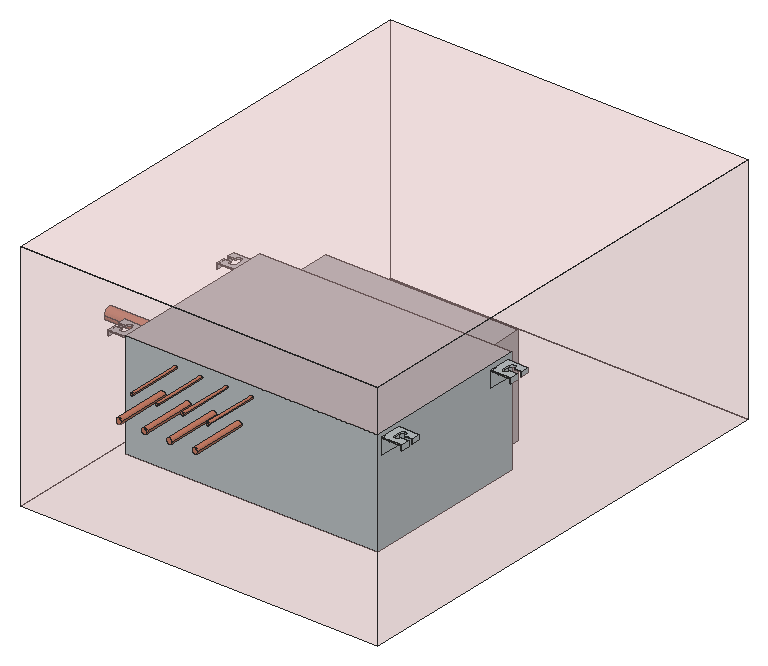
Revit family "CMB-M104V-J1(-TR)", category 機械設備, Revit 2016
Family settings
  ホスト = 天井
  パーツ タイプ = 標準
  丸型コネクタ寸法 = 半径を使用
  OmniClass 番号 = 23.75.00.00
  OmniClass タイトル = Climate Control (HVAC)
  常に垂直 = はい
  ロード時にボイドで切り取り = いいえ
  共有 = いいえ
  部屋の計算ポイント = いいえ
Parameters (values of type "CMB-M104V-J1(-TR)_240V_60Hz")
  説明 = "BC controller"
  製造元 = "Mitsubishi Electric Corporation"
  モデル = "CMB-M104V-J1(-TR)"
  Width = 596.00 mm
  WarrantyStart = ""
  Voltage = 240 V
  Unit Weight (kg) = 26
  URL = "http://www.mitsubishielectric.com/"
  TagNumber = 0
  Subcategory = "HVAC"
  Space View = yes
  Sound Pressure Level (Rated operation) (dB(A)) = "40"
  Sound Pressure Level (Defrost) (dB(A)) = 53
  Sound Power Level (Rated operation) (dB(A)) = "59"
  Sound Power Level (Defrost) (dB(A)) = 71
  SerialNumber = 0
  ReplacementYear = ""
  Phase = 1
  Number of branch = 4
  InstallationDate = ""
  Indoor unit capacity connectable to 1 branch = "Model P/M80 or smaller\r\n(Use optional joint pipe combining 2 branches when the total unit capacity exceeds P/M81.)"
  Hertz = 60 Hz
  Height = 250.00 mm
  Heating Power Input (kW) = 0.03
  Heating Current (A) = 0.13
  External Finish = "Galvanized steel plate\r\n(Lower part drain pan: Pre-coated galvanized sheets + powder coating)"
  Equip_description = ""
  Equip_No. = 0
  Equip_ID = ""
  Drain pipe_radius = 16.00 mm
  Description = ""
  Depth = 476.00 mm
  CreatedOn = ""
  CreatedBy = ""
  Cooling Power Input (kW) = 0.067
  Cooling Current (A) = 0.28
  Connection pipe of outdoor/heat source unit to P350 (Low pressure)_radius = 14.29 mm
  Connection pipe of outdoor/heat source unit to P350 (High pressure) radius = "9.525 or 11.1"
  Connection pipe of outdoor/heat source unit to P250/P300 (Low pressure)_radius = 11.10 mm
  Connection pipe of outdoor/heat source unit to P250/P300 (High pressure)_radius = 9.525 mm
  Connection pipe of outdoor/heat source unit to P200/M200 (Low pressure)_radius = 9.525 mm
  Connection pipe of outdoor/heat source unit to P200/M200 (High pressure)_radius = 7.94 mm
  Connection pipe of outdoor/heat source unit to M250/M300 (Low pressure)_radius = 11.10 mm
  Connection pipe of outdoor/heat source unit to M250/M300 (High pressure)_radius = 7.94 mm
  Connection pipe of indoor unit (Liquid Pipe)_radius (O.D.) = "Indoor unit Model 50 or smaller 3.175 Brazed\r\nbigger than 50 4.76 Brazed"
  Connection pipe of indoor unit (Gas Pipe)_radius (O.D.) = "Indoor unit Model 50 or smaller 6.35 Brazed\r\nbigger than 50 7.94 Brazed\r\n(9.525, 11.1 with optional joint pipe used.)"
  Connectable Outdoor/Heat source Unit Capacity = "P200 to P350/M200 to M300"
  Category = ""
  Barcode = ""
  AssetIdentifier = ""
Types (6, lengths in mm): name | Voltage | Hertz | Heating Power Input (kW) | Heating Current (A) | Cooling Power Input (kW) | Cooling Current (A)
  CMB-M104V-J1(-TR)_220V_50Hz | 220 V | 50 Hz | 0.03 | 0.14 | 0.067 | 0.31
  CMB-M104V-J1(-TR)_220V_60Hz | 220 V | 60 Hz | 0.024 | 0.11 | 0.054 | 0.25
  CMB-M104V-J1(-TR)_230V_50Hz | 230 V | 50 Hz | 0.034 | 0.15 | 0.076 | 0.34
  CMB-M104V-J1(-TR)_230V_60Hz | 230 V | 60 Hz | 0.027 | 0.12 | 0.061 | 0.27
  CMB-M104V-J1(-TR)_240V_50Hz | 240 V | 50 Hz | 0.038 | 0.16 | 0.085 | 0.36
  CMB-M104V-J1(-TR)_240V_60Hz | 240 V | 60 Hz | 0.03 | 0.13 | 0.067 | 0.28
Reference planes
  plane 1 "Center (Front/Back)": y = 0
  plane 2: z = 0
  plane 3 "Center (Left/Right)": x = 0
  plane 4 "Ceiling": z = 0
  plane 5: x = 18.001
  plane 6: x = -1461.999
  plane 7: y = 963.043
  plane 8: y = 1625.043
  plane 9: y = 1625.043
  plane 10: y = 1625.043
  plane 11: y = 225.043
  plane 12: y = -424.957
  plane 13: y = -271.474
  plane 14: y = 199
  plane 15: y = -199
  plane 16: x = -298
  plane 17: x = 298
  plane 18: z = 450.005
  plane 19: z = 200.005
Forms (mm)
  Extrusion 1, solid, material "Plated steel"
    sketch origin (-719.999, 26, 4152.985) x (-1, 0, 0) y (0, -1, 0)
      loop
        line (-1017.999, 225) -> (-1017.999, -173) -> (-421.999, -173) -> (-421.999, 225) -> (-1017.999, 225)
    from -3952.98 to -3702.98
  Extrusion 2, solid, material "Plated steel"
    sketch origin (609.8, 1.043, 4123.43) x (-1, 0, 0) y (0, 0, 1)
      loop
        line (813.903, -3678.196) -> (359.8, -3678.196) -> (359.8, -3913.425) -> (813.903, -3913.425) -> (813.903, -3678.196)
    from 197.957 to 275.957
  Extrusion 3, solid, material "Service space", visible <- "Space View"
    sketch origin (0.001, 0.043, 4120) x (1, 0, 0) y (0, 1, 0)
      loop
        line (297.999, -199.043) -> (297.999, 898.957) -> (-548.001, 898.957) -> (-548.001, -199.043) -> (297.999, -199.043)
    from -4120 to -3570
  Extrusion 4, solid, material "Copper"
    sketch origin (5463.716, -199, 4149.796) x (-1, 0, 0) y (0, 0, -1)
      loop
        circle (5643.716, 3724.791) r 3.175
    from 0 to 130
  Extrusion 5, solid, material "Copper"
    sketch origin (5523.716, -199, 4149.796) x (-1, 0, 0) y (0, 0, -1)
      loop
        circle (5643.716, 3724.791) r 3.175
    from 0 to 130
  Extrusion 6, solid, material "Copper"
    sketch origin (5583.716, -199, 4149.796) x (-1, 0, 0) y (0, 0, -1)
      loop
        circle (5643.716, 3724.791) r 3.175
    from 0 to 130
  Extrusion 7, solid, material "Copper"
    sketch origin (5643.716, -199, 4149.796) x (-1, 0, 0) y (0, 0, -1)
      loop
        circle (5643.716, 3724.791) r 3.175
    from 0 to 130
  Extrusion 8, solid, material "Copper"
    sketch origin (5463.716, -199, 4149.796) x (-1, 0, 0) y (0, 0, -1)
      loop
        circle (5673.716, 3792.791) r 6.35
    from 0 to 130
  Extrusion 9, solid, material "Copper"
    sketch origin (5523.716, -199, 4149.796) x (-1, 0, 0) y (0, 0, -1)
      loop
        circle (5673.716, 3792.791) r 6.35
    from 0 to 130
  Extrusion 10, solid, material "Copper"
    sketch origin (5583.716, -199, 4149.796) x (-1, 0, 0) y (0, 0, -1)
      loop
        circle (5673.716, 3792.791) r 6.35
    from 0 to 130
  Extrusion 11, solid, material "Copper"
    sketch origin (5643.716, -199, 4149.796) x (-1, 0, 0) y (0, 0, -1)
      loop
        circle (5673.716, 3792.791) r 6.35
    from 0 to 130
  Extrusion 12, solid, material "Copper"
    sketch origin (-298, 251, 4152.985) x (0, -1, 0) y (0, 0, 1)
      loop
        circle (349, -3740.98) r 14.29
    from 0 to 120
  Extrusion 13, solid, material "Copper"
    sketch origin (-298, 251, 4152.985) x (0, -1, 0) y (0, 0, 1)
      loop
        circle (183, -3823.98) r 9.525
    from 0 to 120
  Extrusion 14, solid
    sketch origin (-298, 251, 4152.985) x (0, -1, 0) y (0, 0, 1)
      loop
        circle (251, -3923.98) r 16
    from 0 to 20
Lines and regions (mm)
  model lines, visible <- "Space View"
    curve 1: line (-225, 899, 0) -> (225, 899, 0)
    curve 2: line (225, 899, 0) -> (225, 449, 0)
    curve 3: line (225, 449, 0) -> (-225, 449, 0)
    curve 4: line (-225, 449, 0) -> (-225, 899, 0)
    curve 5: line (225, 899, 0) -> (-225, 449, 0)
    curve 6: line (-225, 899, 0) -> (225, 449, 0)
Dimensions and locks
  equal spacing: host sketch curve, plane 3 "Center (Left/Right)", host sketch curve
  equal spacing: host sketch curve, plane 1 "Center (Front/Back)", host sketch curve
  host sketch curve to host sketch curve = 4000.00 mm  (x2)
  locked: plane 4 "Ceiling" to host ceiling at 0
  Extrusion 1 sketch curve to Extrusion 1 sketch curve = 596.00 mm  (x2)
  Extrusion 1 sketch curve to Extrusion 1 sketch curve = 398.00 mm
  Extrusion 1 to plane 3 "Center (Left/Right)" = 298.00 mm
  Extrusion 1 to Extrusion 1 = 596.00 mm
  Extrusion 1 to plane 1 "Center (Front/Back)" = 199.00 mm
  Extrusion 2 to Extrusion 2 = 78.00 mm
  Extrusion 1 to Extrusion 4 sketch curve = 118.00 mm
  Extrusion 1 to Extrusion 8 sketch curve = 88.00 mm
  Extrusion 12 sketch curve to Extrusion 1 = 101.00 mm
  Extrusion 1 to Extrusion 12 sketch curve = 38.00 mm
  Extrusion 13 sketch curve to Extrusion 1 = 267.00 mm
  Extrusion 1 to Extrusion 13 sketch curve = 121.00 mm
  Extrusion 14 sketch curve to Extrusion 1 = 199.00 mm
  Extrusion 1 to nested 1 = 35.00 mm
  nested 2 to nested 1 = 323.00 mm
  Extrusion 1 to Extrusion 3 = 99.995 mm
  Extrusion 3 to Extrusion 1 = 200.005 mm
  Extrusion 3 to Extrusion 1 = 250.00 mm
  Extrusion 3 sketch curve to Extrusion 1 = 250.00 mm
  Extrusion 3 to Extrusion 1 = 700.00 mm
  Extrusion 3 to Extrusion 1 = 398.00 mm
  Extrusion 1 to Extrusion 3 = 596.00 mm
  nested 3 to nested 1 = 648.00 mm
  Extrusion 1 to Extrusion 1 = 250.00 mm
  Extrusion 1 to level = 200.005 mm
  Extrusion 3 to Extrusion 1 = 99.995 mm
  Extrusion 1 to Extrusion 14 = 221.00 mm
  Extrusion 1 to Extrusion 14 sketch curve = 221.00 mm
  plane 1 "Center (Front/Back)" to Extrusion 3 = 199.00 mm
  Extrusion 1 to Extrusion 13 = 121.00 mm
  Extrusion 14 to plane 16 = 20.00 mm
  Extrusion 1 to nested 3 = 11.00 mm
  Extrusion 12 to plane 16 = 120.00 mm
  diameter of Extrusion 4 sketch curve = 6.35 mm
  diameter of Extrusion 5 sketch curve = 6.35 mm
  diameter of Extrusion 6 sketch curve = 6.35 mm
  diameter of Extrusion 7 sketch curve = 6.35 mm
  diameter of Extrusion 8 sketch curve = 12.70 mm
  diameter of Extrusion 9 sketch curve = 12.70 mm
  diameter of Extrusion 10 sketch curve = 12.70 mm
  diameter of Extrusion 11 sketch curve = 12.70 mm
  diameter of Extrusion 12 sketch curve = 28.58 mm
  diameter of Extrusion 13 sketch curve = 19.05 mm
  diameter of Extrusion 14 sketch curve = 32.00 mm
  diameter of Extrusion 12 = 28.58 mm
  diameter of Extrusion 13 = 19.05 mm
  diameter of Extrusion 14 = 32.00 mm
  aligned and locked: Extrusion 2 to Extrusion 1
Nested families
  nested 1: "Leg" at (325, -164, 441.305) x (0, 1, 0) z (0, 0, 1), type "Leg"
  nested 2: "Leg" at (325, 159, 441.305) x (0, 1, 0) z (0, 0, 1), type "Leg"
  nested 3: "Leg" at (-325, -164, 441.305) x (0, 1, 0) z (0, 0, 1), type "Leg"
  nested 4: "Leg" at (-325, 159, 441.305) x (0, 1, 0) z (0, 0, 1), type "Leg"
Connectors
  piping at (-180, -329, 425.005), diameter 6.36
    settings: on Extrusion 4, index 1, connector inside diameter 609.6 mm, connector length 0.00 mm, flow factor 0, pipe flow 0.0 L/s, pressure drop 0.0 Pa, fitting loss kfactor 0, connector angle 0.00°, fixture units 0, engagement length 0.00 mm, angle of deflection 0.00°, flow configuration 0, flow direction 0, fitting loss method 0, system type 22, joint type 0, gender type 0, connector reference index -1, connector utility 0, adjustable connector no, is connector primary yes, connector description "indoor unit (Liquid)"
  piping at (-120, -329, 425.005), diameter 6.36
    settings: on Extrusion 5, index 2, connector inside diameter 609.6 mm, connector length 0.00 mm, flow factor 0, pipe flow 0.0 L/s, pressure drop 0.0 Pa, fitting loss kfactor 0, connector angle 0.00°, fixture units 0, engagement length 0.00 mm, angle of deflection 0.00°, flow configuration 0, flow direction 0, fitting loss method 0, system type 22, joint type 0, gender type 0, connector reference index -1, connector utility 0, adjustable connector no, is connector primary no, connector description "indoor unit (Liquid)"
  piping at (-60, -329, 425.005), diameter 6.36
    settings: on Extrusion 6, index 3, connector inside diameter 609.6 mm, connector length 0.00 mm, flow factor 0, pipe flow 0.0 L/s, pressure drop 0.0 Pa, fitting loss kfactor 0, connector angle 0.00°, fixture units 0, engagement length 0.00 mm, angle of deflection 0.00°, flow configuration 0, flow direction 0, fitting loss method 0, system type 22, joint type 0, gender type 0, connector reference index -1, connector utility 0, adjustable connector no, is connector primary no, connector description "indoor unit (Liquid)"
  piping at (0, -329, 425.005), diameter 6.36
    settings: on Extrusion 7, index 4, connector inside diameter 609.6 mm, connector length 0.00 mm, flow factor 0, pipe flow 0.0 L/s, pressure drop 0.0 Pa, fitting loss kfactor 0, connector angle 0.00°, fixture units 0, engagement length 0.00 mm, angle of deflection 0.00°, flow configuration 0, flow direction 0, fitting loss method 0, system type 22, joint type 0, gender type 0, connector reference index -1, connector utility 0, adjustable connector no, is connector primary no, connector description "indoor unit (Liquid)"
  piping at (-210, -329, 357.005), diameter 12.7
    settings: on Extrusion 8, index 9, connector inside diameter 609.6 mm, connector length 0.00 mm, flow factor 0, pipe flow 0.0 L/s, pressure drop 0.0 Pa, fitting loss kfactor 0, connector angle 0.00°, fixture units 0, engagement length 0.00 mm, angle of deflection 0.00°, flow configuration 0, flow direction 0, fitting loss method 0, system type 22, joint type 0, gender type 0, connector reference index -1, connector utility 0, adjustable connector no, is connector primary no, connector description "indoor unit (Gas)"
  piping at (-150, -329, 357.005), diameter 12.7
    settings: on Extrusion 9, index 10, connector inside diameter 609.6 mm, connector length 0.00 mm, flow factor 0, pipe flow 0.0 L/s, pressure drop 0.0 Pa, fitting loss kfactor 0, connector angle 0.00°, fixture units 0, engagement length 0.00 mm, angle of deflection 0.00°, flow configuration 0, flow direction 0, fitting loss method 0, system type 22, joint type 0, gender type 0, connector reference index -1, connector utility 0, adjustable connector no, is connector primary no, connector description "indoor unit (Gas)"
  piping at (-90, -329, 357.005), diameter 12.7
    settings: on Extrusion 10, index 11, connector inside diameter 609.6 mm, connector length 0.00 mm, flow factor 0, pipe flow 0.0 L/s, pressure drop 0.0 Pa, fitting loss kfactor 0, connector angle 0.00°, fixture units 0, engagement length 0.00 mm, angle of deflection 0.00°, flow configuration 0, flow direction 0, fitting loss method 0, system type 22, joint type 0, gender type 0, connector reference index -1, connector utility 0, adjustable connector no, is connector primary no, connector description "indoor unit (Gas)"
  piping at (-30, -329, 357.005), diameter 12.7
    settings: on Extrusion 11, index 12, connector inside diameter 609.6 mm, connector length 0.00 mm, flow factor 0, pipe flow 0.0 L/s, pressure drop 0.0 Pa, fitting loss kfactor 0, connector angle 0.00°, fixture units 0, engagement length 0.00 mm, angle of deflection 0.00°, flow configuration 0, flow direction 0, fitting loss method 0, system type 22, joint type 0, gender type 0, connector reference index -1, connector utility 0, adjustable connector no, is connector primary no, connector description "indoor unit (Gas)"
  piping at (-418, -98, 412.005), diameter 28.58
    settings: on Extrusion 12, index 17, connector inside diameter 609.6 mm, connector length 0.00 mm, flow factor 0, pipe flow 0.0 L/s, pressure drop 0.0 Pa, fitting loss kfactor 0, connector angle 0.00°, fixture units 0, engagement length 0.00 mm, angle of deflection 0.00°, flow configuration 0, flow direction 0, fitting loss method 0, system type 22, joint type 0, gender type 0, connector reference index -1, connector utility 0, adjustable connector no, is connector primary no, connector description "outdoor unit(Low pressure)"
  piping at (-418, 68, 329.005), diameter 19.06
    settings: on Extrusion 13, index 19, connector inside diameter 609.6 mm, connector length 0.00 mm, flow factor 0, pipe flow 0.0 L/s, pressure drop 0.0 Pa, fitting loss kfactor 0, connector angle 0.00°, fixture units 0, engagement length 0.00 mm, angle of deflection 0.00°, flow configuration 0, flow direction 0, fitting loss method 0, system type 22, joint type 0, gender type 0, connector reference index -1, connector utility 0, adjustable connector no, is connector primary no, connector description "outdoor unit(High pressure)"
  piping at (-318, 0, 229.005), diameter 32
    settings: on Extrusion 14, index 20, connector inside diameter 609.6 mm, connector length 0.00 mm, flow factor 0, pipe flow 0.0 L/s, pressure drop 0.0 Pa, fitting loss kfactor 0, connector angle 0.00°, fixture units 0, engagement length 0.00 mm, angle of deflection 0.00°, flow configuration 0, flow direction 2, fitting loss method 0, system type 22, joint type 0, gender type 0, connector reference index -1, connector utility 0, adjustable connector no, is connector primary no, connector description "Drain"
  electrical at (250, 238, 327.62), driven by "Phase", driven by "Voltage"
    settings: on Extrusion 2, index 21, voltage 240 V, apparent load 0 VA, apparent load phase1 0 VA, apparent load phase2 0 VA, apparent load phase3 0 VA, power factor 1, load classification "その他", number of poles 1, system type 30, power factor state 1, is connector primary yes, connector utility no, sub classification motor no, connector description ""
Definition of nested family "Leg"
  Parameters (values of type "Leg")
    Assembly Code = ""
    W = 50.00 mm
    H = 43.00 mm
    D = 60.00 mm
  Reference planes
    plane 1: z = 0
    plane 2 "中心(左/右)": x = 0
    plane 3: x = -6
    plane 4: x = 6
    plane 5: x = 25
    plane 6: x = -25
    plane 7: y = -23
    plane 8: y = 27
    plane 9: y = 8
    plane 10: y = -6
    plane 11: y = 37
    plane 12: y = -20.7
    plane 13: y = 24.7
    plane 14: z = -12
    plane 15: z = -40.7
    plane 16: z = -2.3
    plane 17: x = -15
    plane 18: x = 15
    plane 19: x = 8
    plane 20: x = -8
    plane 21: z = -20
    plane 22: z = -38
    plane 23: x = 10
    plane 24: x = -10
    plane 25: y = 1
  Forms (mm)
    Extrusion 1, solid
      sketch origin (0, 0, 0) x (1, 0, 0) y (0, 1, 0)
        loop
          line (-25, -23) -> (25, -23) -> (25, 37) -> (-25, 37) -> (-25, -23)
      from 0 to -43
    Extrusion 2, void
      sketch origin (-25, -7, 0) x (0, 1, 0) y (0, 0, 1)
        loop
          line (44, 0) -> (34, 0) -> (34, -43) -> (44, -43) -> (44, 0)
        loop
          line (31.7, -2.3) -> (-13.7, -2.3) -> (-13.7, -12) -> (-16, -12) -> (-16, -43) -> (31.7, -43) -> (31.7, -2.3)
      from 0 to 50
    Extrusion 3, void
      sketch origin (-25, -23, 0) x (-1, 0, 0) y (0, 0, 1)
        loop
          line (-19, 0) -> (-31, 0) -> (-31, -12) -> (-19, -12) -> (-19, 0)
      from 0 to 2.3
    Extrusion 4, void
      sketch origin (0, 0, 0) x (1, 0, 0) y (0, 1, 0)
        loop
          arc (-8, 8) -> (-15, 1) -> (-8, -6) r 7
          line (-8, -6) -> (-6, -6) -> (-6, -20.7) -> (6, -20.7) -> (6, -6) -> (8, -6)
          arc (8, -6) -> (15, 1) -> (8, 8) r 7
          line (8, 8) -> (-8, 8)
      from 0 to -2.3
    Extrusion 5, void
      sketch origin (0, 0, 0) x (1, 0, 0) y (0, 0, 1)
        loop
          circle (0, -20) r 3.5
      from -27 to -24.7
    Extrusion 6, void
      sketch origin (25, 37, 0) x (1, 0, 0) y (0, 0, 1)
        loop
          line (0, -38) -> (-50, -38) -> (-50, -43) -> (0, -43) -> (0, -38)
      from 0 to 12.3
  Cuts and joins
    Extrusion 2, Extrusion 3, Extrusion 4, Extrusion 5, Extrusion 6 cuts Extrusion 1
  Dimensions and locks
    equal spacing: plane 6, plane 2 "中心(左/右)", plane 5
    "W": plane 6 to plane 5
    "D": plane 7 to plane 11
    aligned and locked: level to plane 1
    aligned and locked: Extrusion 5 to Extrusion 2
  Automatic sketch dimensions
    Extrusion 1 sketch curve to plane 6 = 0.00 mm
    Extrusion 1 sketch curve to plane 5 = 0.00 mm
    plane 7 to Extrusion 1 sketch curve = 0.00 mm
    plane 11 to Extrusion 1 sketch curve = 0.00 mm
    Extrusion 3 sketch curve to Extrusion 1 = 0.00 mm
    Extrusion 1 to Extrusion 3 sketch curve = 19.00 mm
    Extrusion 3 sketch curve to Extrusion 3 sketch curve = 12.00 mm
    Extrusion 1 to Extrusion 3 sketch curve = 12.00 mm
    plane 9 to Extrusion 4 sketch curve = 0.00 mm
    Extrusion 4 sketch curve to plane 20 = 0.00 mm
    Extrusion 4 sketch curve to plane 3 = 0.00 mm
    Extrusion 4 sketch curve to plane 4 = 0.00 mm
    plane 10 to Extrusion 4 sketch curve = 0.00 mm  (x2)
    Extrusion 4 sketch curve to plane 19 = 0.00 mm
    Extrusion 4 sketch curve to plane 12 = 0.00 mm
    Extrusion 5 sketch curve to plane 2 "中心(左/右)" = 0.00 mm
    Extrusion 5 sketch curve to plane 21 = 0.00 mm
    Extrusion 6 sketch curve to Extrusion 1 = 0.00 mm  (x2)
    Extrusion 1 to Extrusion 6 sketch curve = 50.00 mm
    Extrusion 1 to Extrusion 6 sketch curve = 5.00 mm
    Extrusion 2 sketch curve to Extrusion 1 = 0.00 mm  (x3)
    Extrusion 1 to Extrusion 2 sketch curve = 0.00 mm  (x2)
    Extrusion 1 to Extrusion 2 sketch curve = 2.30 mm
    Extrusion 2 sketch curve to Extrusion 1 = 12.30 mm
    Extrusion 2 sketch curve to Extrusion 2 sketch curve = 2.30 mm
    Extrusion 2 sketch curve to Extrusion 1 = 12.00 mm
    Extrusion 2 sketch curve to Extrusion 1 = 2.30 mm
    radius of Extrusion 5 sketch curve = 3.50 mm
